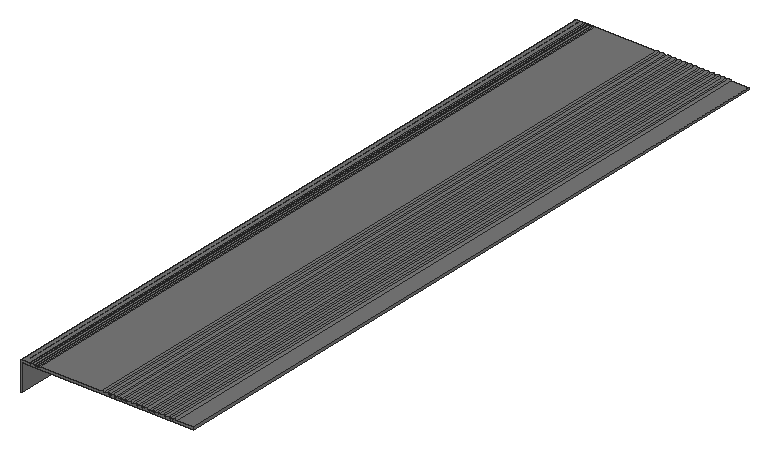
Revit family "111213021021710", category Modelos genéricos, Revit 2018
Family settings
  Puede alojar armadura = No
  Cota de conector redondo = Diámetro de uso
  Tipo de pieza = Normal
  Se basa en plano de trabajo = No
  Siempre vertical = No
  Corte con vacíos al cargar = No
  Compartido = No
  Punto de cálculo de habitación = No
Parameters (values of type "GRADA TITAN PVC 300X50MM GRIS OSCURO TIRA 1.2MT")
  Ventajas = "Autoextinguible"
  Uso = "Fabricado en PVC, ideal para zonas de medio y alto trafico, con estrías\r\nantideslizantes. Ideal para: Edificios Públicos y Privados, Colegios, Universidades, Centros\r\ncomerciales, Aeropuertos, Hoteles, Edificios Habitacionales, entre otros."
  Unidad = "Tiras de 1.20 Mts y 3.00 Mts."
  URL = "https://www.empresascnp.cl/"
  Num SKUs = "111213021021710"
  Nombre SKU = "GRADA TITAN PVC 300X50MM GRIS OSCURO TIRA 1.2MT"
  Modelo = "GRADA TITAN PVC 300X50MM"
  Material = PVC flexible gris oscuro
  Url Ficha tecnica = "https://empresascnp.cl/wp-content/uploads//pdf/ficha-tecnica-grada-titan-pvc-300x50mm-gris-claro-tira-1-2mt.pdf"
  Largo = 1200.00 mm
  Espesor = 4.00 mm
  Empresa = "CNP SPA."
  Dureza = "80 shore A"
  Dimension = 300.00 mm
  Descripción = "Grada Titan 300x50 MM."
  Contacto = "info@empresascnp.cl"
  Color = "Gris oscuro"
  Aplicacion = "Escaleras"
  Alto = 50.00 mm
Reference planes
  plane 1 "Center F/B": y = 0
  plane 2: z = 0
  plane 3 "Center L/R": x = 0
  plane 4: z = -50
  plane 5 "2": y = 600
  plane 6 "3": y = -600
  plane 7: x = 300
  plane 8: z = -2
  plane 9 "4": x = 2
Forms (mm)
  Extrusion 1, solid, material "PVC flexible gris oscuro" <- "Material"
    sketch origin (0, 0, 0) x (1, 0, 0) y (0, 0, 1)
      loop
        line (300, 0) -> (270, 0)
        arc (270, 0) -> (267.593, 0.87) -> (265.185, 0) r 3.766
        arc (265.185, 0) -> (262.778, -0.87) -> (260.37, 0) r 3.766
        arc (260.37, 0) -> (257.963, 0.87) -> (255.556, 0) r 3.766
        arc (255.556, 0) -> (253.148, -0.87) -> (250.741, 0) r 3.766
        arc (250.741, 0) -> (248.333, 0.87) -> (245.926, 0) r 3.766
        arc (245.926, 0) -> (243.519, -0.87) -> (241.111, 0) r 3.766
        arc (241.111, 0) -> (238.704, 0.87) -> (236.296, 0) r 3.766
        arc (236.296, 0) -> (233.889, -0.87) -> (231.481, 0) r 3.766
        arc (231.481, 0) -> (229.074, 0.87) -> (226.667, 0) r 3.766
        arc (226.667, 0) -> (224.259, -0.87) -> (221.852, 0) r 3.766
        arc (221.852, 0) -> (219.444, 0.87) -> (217.037, 0) r 3.766
        arc (217.037, 0) -> (214.63, -0.87) -> (212.222, 0) r 3.766
        arc (212.222, 0) -> (209.815, 0.87) -> (207.407, 0) r 3.766
        arc (207.407, 0) -> (205, -0.87) -> (202.593, 0) r 3.766
        arc (202.593, 0) -> (200.185, 0.87) -> (197.778, 0) r 3.766
        arc (197.778, 0) -> (195.37, -0.87) -> (192.963, 0) r 3.766
        arc (192.963, 0) -> (190.556, 0.87) -> (188.148, 0) r 3.766
        arc (188.148, 0) -> (185.741, -0.87) -> (183.333, 0) r 3.766
        arc (183.333, 0) -> (180.926, 0.87) -> (178.519, 0) r 3.766
        arc (178.519, 0) -> (176.111, -0.87) -> (173.704, 0) r 3.766
        arc (173.704, 0) -> (171.296, 0.87) -> (168.889, 0) r 3.766
        arc (168.889, 0) -> (166.481, -0.87) -> (164.074, 0) r 3.766
        arc (164.074, 0) -> (161.667, 0.87) -> (159.259, 0) r 3.766
        arc (159.259, 0) -> (156.852, -0.87) -> (154.444, 0) r 3.766
        arc (154.444, 0) -> (152.037, 0.87) -> (149.63, 0) r 3.766
        arc (149.63, 0) -> (147.222, -0.87) -> (144.815, 0) r 3.766
        arc (144.815, 0) -> (142.407, 0.87) -> (140, 0) r 3.766
        line (140, 0) -> (34, 0)
        arc (34, 0) -> (33, 0.361) -> (32, 0) r 1.564
        arc (32, 0) -> (31, -0.361) -> (30, 0) r 1.564
        arc (30, 0) -> (29, 0.361) -> (28, 0) r 1.564
        arc (28, 0) -> (27, -0.361) -> (26, 0) r 1.564
        arc (26, 0) -> (25, 0.361) -> (24, 0) r 1.564
        arc (24, 0) -> (23, -0.361) -> (22, 0) r 1.564
        arc (22, 0) -> (21, 0.361) -> (20, 0) r 1.564
        arc (20, 0) -> (19, -0.361) -> (18, 0) r 1.564
        arc (18, 0) -> (17, 0.361) -> (16, 0) r 1.564
        line (16, 0) -> (3, 0)
        arc (3, 0) -> (0.879, -0.879) -> (0, -3) r 3
        line (0, -3) -> (0, -50) -> (4, -50) -> (4, -5)
        arc (4, -5) -> (4.293, -4.293) -> (5, -4) r 1
        line (5, -4) -> (300, -4) -> (300, 0)
    from -600 to 600
Dimensions and locks
  "Alto": level to plane 4
  equal spacing: plane 6 "3", plane 1 "Center F/B", plane 5 "2"
  "Largo": plane 6 "3" to plane 5 "2"
  "Dimension": plane 7 to plane 3 "Center L/R"
  "Espesor": plane 2 to Extrusion 1 sketch curve
  "Espesor": Extrusion 1 sketch curve to plane 3 "Center L/R"
  aligned and locked: plane 6 "3" to Extrusion 1
  aligned and locked: Extrusion 1 to plane 5 "2"
  aligned and locked: Extrusion 1 sketch curve to plane 3 "Center L/R"
  aligned and locked: plane 2 to Extrusion 1 sketch curve
  aligned and locked: Extrusion 1 sketch curve to plane 7
  aligned and locked: plane 4 to Extrusion 1 sketch curve
Automatic sketch dimensions
  Extrusion 1 sketch curve to level = 0.00 mm  (x70)
  plane 8 to Extrusion 1 sketch curve = 1.00 mm
  Extrusion 1 sketch curve to Extrusion 1 sketch curve = 1.00 mm  (x4)
  Extrusion 1 sketch curve to Extrusion 1 sketch curve = 11.00 mm
  Extrusion 1 sketch curve to plane 8 = 0.797 mm  (x5)
  level to Extrusion 1 sketch curve = 1.203 mm  (x4)
  Extrusion 1 sketch curve to Extrusion 1 sketch curve = 2.00 mm  (x5)
  Extrusion 1 sketch curve to Extrusion 1 sketch curve = 106.00 mm
  plane 8 to Extrusion 1 sketch curve = 0.896 mm  (x14)
  Extrusion 1 sketch curve to Extrusion 1 sketch curve = 2.407 mm
  level to Extrusion 1 sketch curve = 2.896 mm  (x13)
  Extrusion 1 sketch curve to Extrusion 1 sketch curve = 0.00 mm  (x4)
